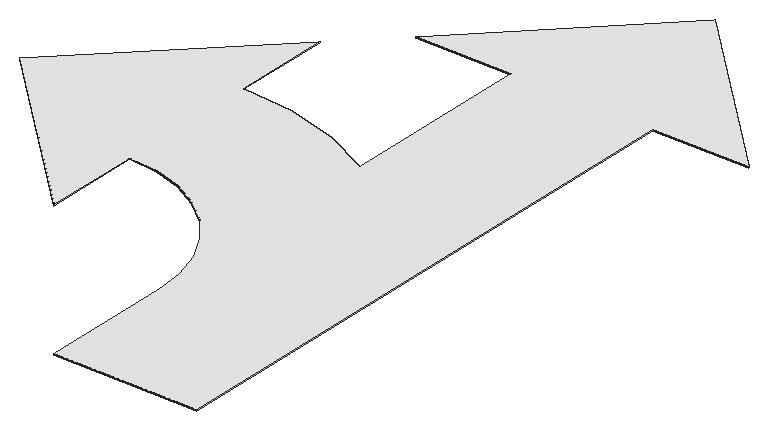
Revit family
Reference planes
  plane 1 "Center (Front/Back)": y = 0
  plane 2: z = 0
  plane 3 "Center (Left/Right)": x = 0
Forms (mm)
  Extrusion 1, solid, material "Paint - White"
    sketch origin (0, 0, 0) x (1, 0, 0) y (0, 1, 0)
      loop
        line (-355.6, 1219.2) -> (-152.4, 1219.2) -> (-152.4, 816.215)
        arc (-152.4, 816.215) -> (-304.769, 880.779) -> (-468.778, 902.822) r 621.178
        line (-468.778, 902.822) -> (-468.778, 1106.022) -> (-824.378, 750.422) -> (-468.778, 394.822) -> (-468.778, 598.022)
        arc (-468.778, 598.022) -> (-245.065, 505.356) -> (-152.4, 281.643) r 316.378
        line (-152.4, 281.643) -> (-152.4, 0) -> (152.4, 0) -> (152.4, 1219.2) -> (355.6, 1219.2) -> (0, 1574.8) -> (-355.6, 1219.2)
    from 0 to 1.587
